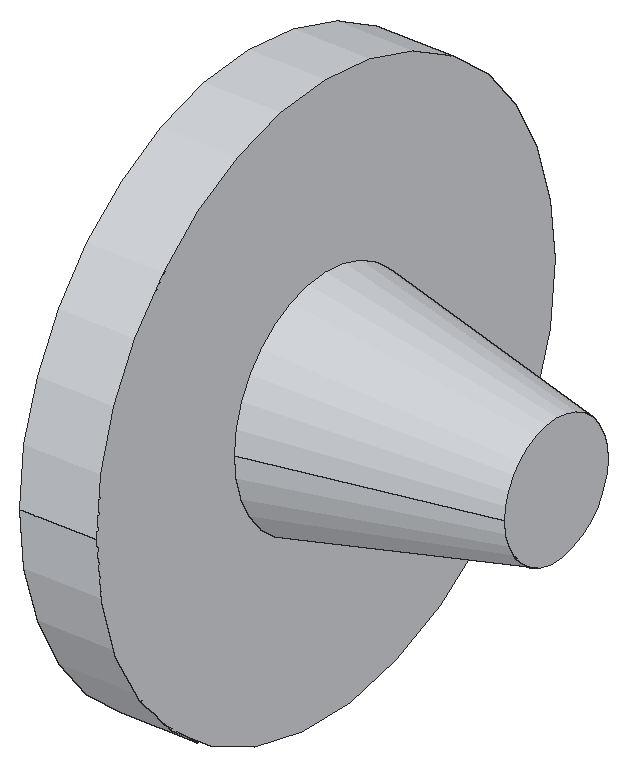
Revit family "ab9b56e9ae5f450fa8e7d9cab3876c2e", category Pipe Fittings, Revit 2021
Family settings
  Round Connector Dimension = Use Radius
  Part Type = Flange
  OmniClass Number = 23.60.30.11.14
  OmniClass Title = Pipework Fittings
  Seek Item ID = Flange - Weld Neck - Steel - Class 300-0000-USA-ENU
  Work Plane-Based = No
  Always vertical = Yes
  Cut with Voids When Loaded = No
  Shared = No
Parameters (values of type "Standard")
  Tick Size [instance] = Flange Outside Diameter * 0.4  # 1.49606"
  Raised Face Thickness [instance] = 1/16"  # constant formula
  Raised Face Radius [instance] = Raised Face Diameter / 2  # 0.68701"
  Raised Face Diameter [instance] = size_lookup(Lookup Table Name, "RFD", 1.11 * Nominal Diameter + 1 47/128", Nominal Diameter)  # 1.37402"
  Nominal Radius [instance] = 1/4"
  Nominal Diameter [instance] = Nominal Radius * 2  # 1/2"
  Loss Method = Not Defined
  Lookup Table Name = "Flange - Weld Neck - Steel - Class 300"
  Length Through Hub [instance] = size_lookup(Lookup Table Name, "LTH", 0.21 * Nominal Diameter + 2 49/128", Nominal Diameter)  # 2.00787"
  Hub Radius [instance] = Hub Diameter / 2  # 0.74803"
  Hub Diameter [instance] = size_lookup(Lookup Table Name, "HDia", 1.13 * Nominal Diameter + 1 5/32", Nominal Diameter)  # 1.49606"
  Hub Beginning Radius [instance] = Hub Beginning Diameter / 2  # 0.41929"
  Hub Beginning Diameter [instance] = size_lookup(Lookup Table Name, "HBD", 1 * Nominal Diameter + 29/64", Nominal Diameter)  # 0.83858"
  Flange Thickness [instance] = size_lookup(Lookup Table Name, "FThk", 0.09 * Nominal Diameter + 175/256", Nominal Diameter)  # 1/2"
  Flange Outside Radius [instance] = Flange Outside Diameter / 2  # 1.87008"
  Flange Outside Diameter [instance] = size_lookup(Lookup Table Name, "FOD", 1.37 * Nominal Diameter + 3 29/32", Nominal Diameter)  # 3.74016"
  Default Elevation = 0' - 0"
Reference planes (in)
  plane 1 "Center (Front/Back)": y = 0
  plane 2: z = 0
  plane 3 "Center (Left/Right)": x = 0
  plane 4: x = 0.0625
  plane 5: x = 0.5625
  plane 6: x = 2.07037
  plane 7: y = 1.49606
  plane 8: y = -1.49606
Forms (in)
  Sweep 1, solid, detail levels fine
    path in 3D
      loop
        line (0, 0, 0) -> (0.0625, 0, 0)
    profile origin (0.03125, 0, 0) x (0, 1, 0) y (0, 0, 1)
      loop
        circle (0, 0) r 0.68701
  Sweep 2, solid, detail levels fine
    path in 3D
      loop
        line (0.0625, 0, 0) -> (0.5625, 0, 0)
    profile origin (0.3125, 0, 0) x (0, 1, 0) y (0, 0, 1)
      loop
        circle (0, 0) r 1.87008
  SweptBlend 3, solid, detail levels fine
    path in 3D
      loop
        line (0.5625, 0, 0) -> (2.07037, 0, 0)
    profile origin (0.5625, 0, 0) x (0, 1, 0) y (0, 0, 1)
      loop
        circle (0, 0) r 0.74803
    end profile origin (2.07037, 0, 0) x (0, 1, 0) y (0, 0, 1)
      loop
        circle (0, 0) r 0.41929
Cuts and joins
  joined: Sweep 1, Sweep 2, SweptBlend 3
Lines and regions (in)
  model lines, detail levels coarse+medium
    curve 1: line (0, 0, 0) -> (0.0625, 0, 0)
    curve 2: line (0.0625, 0, 0) -> (0.5625, 0, 0)
    curve 3: line (0.5625, 0, 0) -> (2.07037, 0, 0)
    curve 6: line (0.5625, 1.49606, 0) -> (0.5625, -1.49606, 0)
  sketch lines
    curve 4: line (0, 0, 0) -> (0.0625, 0, 0)
    curve 5: line (0.0625, 0, 0) -> (0.5625, 0, 0)
    curve 7: line (0.5625, 0, 0) -> (2.07037, 0, 0)
Dimensions and locks (in)
  "Raised Face Thickness": plane 3 "Center (Left/Right)" to plane 4
  "Flange Thickness": plane 4 to plane 5
  "Length Through Hub": plane 4 to plane 6
  equal spacing: plane 7, plane 1 "Center (Front/Back)", plane 8
  "Tick Size": plane 7 to plane 1 "Center (Front/Back)"
  "Raised Face Radius": radius of Sweep 1 sketch curve
  "Flange Outside Radius": radius of Sweep 2 sketch curve
  "Hub Radius": radius of SweptBlend 3 sketch curve
  "Hub Beginning Radius": radius of SweptBlend 3 sketch curve
  aligned and locked: plane 3 "Center (Left/Right)" to curve 1
  aligned and locked: plane 4 to curve 1
  aligned and locked: plane 1 "Center (Front/Back)" to curve 1
  aligned and locked: plane 1 "Center (Front/Back)" to curve 2
  aligned and locked: plane 5 to curve 3
  aligned and locked: plane 6 to curve 3
  aligned and locked: plane 1 "Center (Front/Back)" to curve 3
  aligned and locked: plane 7 to curve 6
  aligned and locked: plane 8 to curve 6
  aligned and locked: curve 6 to plane 5
  aligned and locked: plane 1 "Center (Front/Back)" to SweptBlend 3 sketch curve  (x2)
  aligned and locked: plane 2 to SweptBlend 3 sketch curve  (x2)
Automatic sketch dimensions
  Sweep 1 sketch curve to profile plane = 0' - 0"  (x2)
  Sweep 2 sketch curve to profile plane = 0' - 0"  (x2)
Connectors (in)
  piping at (0, 0, 0), diameter 0.5, driven by "Nominal Radius"
    settings: on cut or joined group of Sweep 1, Sweep 2, SweptBlend 3, index 1, connector inside diameter 1/2", connector length 0' - 0", flow factor 0, pipe flow 0 GPM, pressure drop 0.00 psi, fitting loss kfactor 0, connector angle 0.00°, fixture units 0, engagement length 0' - 0", angle of deflection 0.00°, flow configuration 0, flow direction 0, fitting loss method 0, system type 28, joint type 0, gender type 0, connector reference index 2, connector utility 0, adjustable connector no, is connector primary yes, connector description ""
  piping at (2.07037, 0, 0), diameter 0.5, driven by "Nominal Radius"
    settings: on cut or joined group of Sweep 1, Sweep 2, SweptBlend 3, index 2, connector inside diameter 1/2", connector length 0' - 0", flow factor 0, pipe flow 0 GPM, pressure drop 0.00 psi, fitting loss kfactor 0, connector angle 0.00°, fixture units 0, engagement length 0' - 0", angle of deflection 0.00°, flow configuration 0, flow direction 0, fitting loss method 0, system type 28, joint type 0, gender type 0, connector reference index 1, connector utility 0, adjustable connector no, is connector primary no, connector description ""
